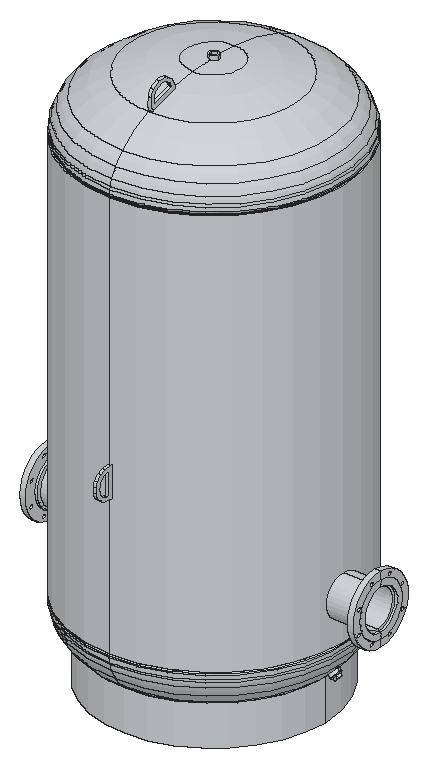
Revit family "CBT-500-6", category Generic Models, Revit 2014
Parameters (values of type "CBT-500-6")
  URL = "http://westank.com/"
  Tank Volume = 500.00 gal
  Part Number = 55420500
  Model = "CBT-500-6"
  Maximum Shipping Weight = 1150 lbf
  Flange Connector Diameter = 6"
  Description = "Wessels ASME Chilled Water Buffer Tanks (CBT) are designed for chilled water systems with insufficient water volume capacity in relation to the chiller capacity"
  D = 19 1/2"
  C = 36"
  B = 90"
  A = 42"
Reference planes (in)
  plane 1 "Center (Front/Back)": y = 0
  plane 2: z = 0
  plane 3 "Center (Left/Right)": x = 0
  plane 4: through (12.55282, -180, 5.24135) normal (0.8192, 0, -0.5736)
  plane 5: x = -21
  plane 6: x = 21
  plane 7: z = 0
  plane 8: x = -18
  plane 9: x = 18
  plane 10: z = 90
  plane 11: x = -0.0258
  plane 12: z = 19.5
Forms (in)
  Revolve 1, solid
    sketch origin (0, -0.02461, 0) x (0, 1, 0) y (0, 0, 1)
      loop
        line (-20.98343, 12.74892) -> (-20.73343, 12.74892)
        arc (-20.73343, 12.74892) -> (-20.73317, 12.69468) -> (-20.75341, 12.64436) r 0.14097
        line (-20.75341, 12.64436) -> (-20.89995, 12.41871)
        arc (-20.89995, 12.41871) -> (-20.95426, 12.32639) -> (-20.972, 12.22075) r 0.29477
        arc (-20.972, 12.22075) -> (-20.95433, 11.87991) -> (-20.91255, 11.54119) r 4.81455
        arc (-20.91255, 11.54119) -> (-20.88738, 11.33901) -> (-20.85518, 11.13783) r 5.85367
        arc (-20.85518, 11.13783) -> (-20.76033, 10.64488) -> (-20.57955, 10.17657) r 2.81886
        arc (-20.57955, 10.17657) -> (-20.25069, 9.40478) -> (-19.83942, 8.67357) r 7.6618
        arc (-19.83942, 8.67357) -> (-19.17724, 7.78342) -> (-18.39344, 6.99824) r 7.6618
        arc (-18.39344, 6.99824) -> (-15.85417, 5.15678) -> (-13.03614, 3.77925) r 18.17851
        arc (-13.03614, 3.77925) -> (-8.72316, 2.45647) -> (-4.26681, 1.75469) r 31.93206
        arc (-4.26681, 1.75469) -> (-2.12278, 1.59929) -> (0.02461, 1.50032) r 81.76029
        line (0.02461, 1.50032) -> (0.02461, 1.67229)
        arc (0.02461, 1.67229) -> (-2.11543, 1.77104) -> (-4.25214, 1.92594) r 81.58842
        arc (-4.25214, 1.92594) -> (-8.6845, 2.62394) -> (-12.97427, 3.9396) r 31.76018
        arc (-12.97427, 3.9396) -> (-15.76565, 5.3041) -> (-18.28091, 7.12815) r 18.00664
        arc (-18.28091, 7.12815) -> (-19.04713, 7.89572) -> (-19.69446, 8.7659) r 7.48992
        arc (-19.69446, 8.7659) -> (-20.0986, 9.48498) -> (-20.42122, 10.24414) r 7.48992
        arc (-20.42122, 10.24414) -> (-20.59471, 10.69085) -> (-20.68482, 11.16153) r 2.64698
        arc (-20.68482, 11.16153) -> (-20.71707, 11.36219) -> (-20.74212, 11.56388) r 5.68179
        arc (-20.74212, 11.56388) -> (-20.78291, 11.89268) -> (-20.80015, 12.22356) r 4.64268
        arc (-20.80015, 12.22356) -> (-20.79107, 12.27197) -> (-20.76371, 12.31293) r 0.12289
        line (-20.76371, 12.31293) -> (-20.60926, 12.55075)
        arc (-20.60926, 12.55075) -> (-20.56519, 12.6582) -> (-20.56335, 12.77432) r 0.31284
        line (-20.56335, 12.77432) -> (-20.73343, 12.77432) -> (-20.73343, 78.726) -> (-20.56335, 78.726)
        arc (-20.56335, 78.726) -> (-20.56519, 78.84212) -> (-20.60926, 78.94957) r 0.31284
        line (-20.60926, 78.94957) -> (-20.76371, 79.18739)
        arc (-20.76371, 79.18739) -> (-20.79107, 79.22835) -> (-20.80015, 79.27676) r 0.12289
        arc (-20.80015, 79.27676) -> (-20.78291, 79.60764) -> (-20.74212, 79.93644) r 4.64268
        arc (-20.74212, 79.93644) -> (-20.71707, 80.13813) -> (-20.68482, 80.33879) r 5.68179
        arc (-20.68482, 80.33879) -> (-20.59471, 80.80947) -> (-20.42122, 81.25618) r 2.64698
        arc (-20.42122, 81.25618) -> (-20.0986, 82.01534) -> (-19.69446, 82.73441) r 7.48992
        arc (-19.69446, 82.73441) -> (-19.04713, 83.6046) -> (-18.28091, 84.37217) r 7.48992
        arc (-18.28091, 84.37217) -> (-15.76565, 86.19622) -> (-12.97427, 87.56072) r 18.00664
        arc (-12.97427, 87.56072) -> (-8.6845, 88.87638) -> (-4.25214, 89.57438) r 31.76018
        arc (-4.25214, 89.57438) -> (-2.11543, 89.72928) -> (0.02461, 89.82803) r 81.58842
        line (0.02461, 89.82803) -> (0.02461, 90)
        arc (0.02461, 90) -> (-2.12278, 89.90102) -> (-4.26681, 89.74563) r 81.76029
        arc (-4.26681, 89.74563) -> (-8.72316, 89.04385) -> (-13.03614, 87.72107) r 31.93206
        arc (-13.03614, 87.72107) -> (-15.85417, 86.34354) -> (-18.39344, 84.50208) r 18.17851
        arc (-18.39344, 84.50208) -> (-19.17724, 83.7169) -> (-19.83942, 82.82675) r 7.6618
        arc (-19.83942, 82.82675) -> (-20.25069, 82.09554) -> (-20.57955, 81.32375) r 7.6618
        arc (-20.57955, 81.32375) -> (-20.76033, 80.85544) -> (-20.85518, 80.36249) r 2.81886
        arc (-20.85518, 80.36249) -> (-20.88738, 80.16131) -> (-20.91255, 79.95913) r 5.85367
        arc (-20.91255, 79.95913) -> (-20.95433, 79.62041) -> (-20.972, 79.27957) r 4.81455
        arc (-20.972, 79.27957) -> (-20.95426, 79.17393) -> (-20.89995, 79.08161) r 0.29477
        line (-20.89995, 79.08161) -> (-20.75341, 78.85596)
        arc (-20.75341, 78.85596) -> (-20.73317, 78.80564) -> (-20.73343, 78.7514) r 0.14097
        line (-20.73343, 78.7514) -> (-20.98343, 78.7514) -> (-20.98343, 12.74892)
      axis (0.02461, 1.50032) -> (0.02461, 90)
    angle from 0 to 360
  Revolve 2, solid
    sketch origin (-3.00177, 0, 1.25063) x (-1, 0, 0) y (0, 0, 1)
      loop
        line (22.43724, 14.93816) -> (22.43724, 14.46812) -> (22.99974, 14.46812) -> (22.99974, 12.74959) -> (23.93724, 12.74959) -> (23.93724, 13.99939) -> (23.99923, 13.99939) -> (23.99923, 14.93816) -> (22.43724, 14.93816)
      axis (23.99923, 18.24937) -> (22.43724, 18.24937)
    angle from 0 to 360
  Revolve 3, solid
    sketch origin (-1.13969, 0, -5.02824) x (0.995224, 0, -0.097616) y (0.097616, 0, 0.995224)
      loop
        line (19.46386, 15.44148) -> (19.41219, 15.47752) -> (19.00069, 14.88753) -> (19.61625, 14.45819) -> (19.99221, 14.99722) -> (19.94095, 15.03298) -> (20.06537, 15.21137) -> (19.55274, 15.56891) -> (19.46386, 15.44148)
      axis (19.00069, 14.88753) -> (19.61625, 14.45819)
    angle from 0 to 360
  Extrusion 4, solid
    sketch origin (19.32293, -180, 8.47558) x (0.649402, 0, 0.760445) y (0, -1, 0)
      loop
        line (-0.16036, -179.52645) -> (-0.95521, -179.68698) -> (-0.79485, -180.48095) -> (0, -180.32042) -> (-0.16036, -179.52645)
    from 1.02698 to 1.52678
  Extrusion 5, solid
    sketch origin (0, -9.07366, 13.98441) x (0, 1, 0) y (0, 0, 1)
      loop
        line (-11.93439, 21.33067) -> (-11.93439, 26.202)
        arc (-11.93439, 26.202) -> (-12.47846, 26.15164) -> (-13.01533, 26.05008) r 5.77422
        arc (-13.01533, 26.05008) -> (-13.49297, 25.89754) -> (-13.94252, 25.67548) r 3.35288
        arc (-13.94252, 25.67548) -> (-14.34081, 25.36666) -> (-14.64962, 24.96837) r 2.0073
        arc (-14.64962, 24.96837) -> (-14.80343, 24.58932) -> (-14.88788, 24.18906) r 2.30742
        arc (-14.88788, 24.18906) -> (-14.91277, 23.77188) -> (-14.88788, 23.3547) r 3.50846
        arc (-14.88788, 23.3547) -> (-14.79412, 22.92876) -> (-14.61961, 22.52904) r 2.24053
        arc (-14.61961, 22.52904) -> (-14.27401, 22.08806) -> (-13.80999, 21.77406) r 1.8078
        arc (-13.80999, 21.77406) -> (-13.34321, 21.55591) -> (-12.84107, 21.44044) r 2.44481
        arc (-12.84107, 21.44044) -> (-12.39043, 21.36326) -> (-11.93439, 21.33067) r 4.65484
      loop
        arc (-12.44611, 25.63929) -> (-12.67227, 25.60073) -> (-12.89654, 25.55235) r 5.2625
        arc (-12.89654, 25.55235) -> (-13.30128, 25.42308) -> (-13.68221, 25.23491) r 2.84116
        arc (-13.68221, 25.23491) -> (-13.97364, 25.01013) -> (-14.20134, 24.72098) r 1.49558
        arc (-14.20134, 24.72098) -> (-14.3163, 24.43235) -> (-14.37979, 24.12821) r 1.7957
        arc (-14.37979, 24.12821) -> (-14.40106, 23.77188) -> (-14.37979, 23.41555) r 2.99674
        arc (-14.37979, 23.41555) -> (-14.30745, 23.08689) -> (-14.17279, 22.77846) r 1.72881
        arc (-14.17279, 22.77846) -> (-13.91552, 22.45353) -> (-13.56884, 22.22643) r 1.29608
        arc (-13.56884, 22.22643) -> (-13.1779, 22.0402) -> (-12.75531, 21.94566) r 1.9331
        arc (-12.75531, 21.94566) -> (-12.60126, 21.91347) -> (-12.44611, 21.88716) r 4.14312
        line (-12.44611, 21.88716) -> (-12.44611, 25.63929)
    from -0.24366 to 0.25634
  Extrusion 6, solid
    sketch origin (0, -30.04333, 70.88779) x (0, 0.284015, -0.95882) y (0, 0.95882, 0.284015)
      loop
        arc (-11.9298, 25.67102) -> (-12.15596, 25.63246) -> (-12.38023, 25.58408) r 5.2625
        arc (-12.38023, 25.58408) -> (-12.78497, 25.45482) -> (-13.16591, 25.26664) r 2.84116
        arc (-13.16591, 25.26664) -> (-13.45733, 25.04186) -> (-13.68503, 24.75271) r 1.49558
        arc (-13.68503, 24.75271) -> (-13.8, 24.46408) -> (-13.86349, 24.15994) r 1.7957
        arc (-13.86349, 24.15994) -> (-13.88475, 23.80361) -> (-13.86349, 23.44728) r 2.99674
        arc (-13.86349, 23.44728) -> (-13.79114, 23.11862) -> (-13.65649, 22.81019) r 1.72881
        arc (-13.65649, 22.81019) -> (-13.39922, 22.48527) -> (-13.05253, 22.25816) r 1.29608
        arc (-13.05253, 22.25816) -> (-12.66159, 22.07193) -> (-12.239, 21.97739) r 1.9331
        arc (-12.239, 21.97739) -> (-12.08496, 21.94521) -> (-11.9298, 21.91889) r 4.14312
        line (-11.9298, 21.91889) -> (-11.9298, 25.67102)
      loop
        line (-11.17132, 21.34265) -> (-11.17132, 26.18028)
        arc (-11.17132, 26.18028) -> (-12.11834, 26.16865) -> (-13.02719, 25.90227) r 3.48194
        arc (-13.02719, 25.90227) -> (-13.54727, 25.6041) -> (-13.99851, 25.20943) r 3.03185
        arc (-13.99851, 25.20943) -> (-14.28248, 24.55653) -> (-14.39992, 23.8543) r 2.91879
        arc (-14.39992, 23.8543) -> (-14.3348, 23.1787) -> (-14.08611, 22.54717) r 2.44012
        arc (-14.08611, 22.54717) -> (-13.716, 22.08641) -> (-13.21844, 21.76749) r 1.83162
        arc (-13.21844, 21.76749) -> (-12.21655, 21.45065) -> (-11.17132, 21.34265) r 5.1769
    from -0.24366 to 0.25634
  Extrusion 7, solid
    sketch origin (0, 0, 0) x (1, 0, 0) y (0, 1, 0)
      loop
        circle (0, 0) r 0.75
      loop
        circle (0, 0) r 0.5
    from 89.70425 to 90.49422
  Extrusion 8, void
    sketch origin (-3.60333, 0.13917, 1.67009) x (0, 1, 0) y (0, 0, -1)
      loop
        circle (1.6793, -22.21918) r 0.37532
      loop
        circle (4.25931, -19.67527) r 0.37532
      loop
        circle (1.6828, -13.4584) r 0.37532
      loop
        circle (4.26382, -15.98166) r 0.37532
      loop
        circle (-1.95764, -22.21918) r 0.37532
      loop
        circle (-4.53765, -19.67527) r 0.37532
      loop
        circle (-1.96114, -13.4584) r 0.37532
      loop
        circle (-4.54216, -15.98166) r 0.37532
    from 20.48716 to 24.39667
  Extrusion 9, void
    sketch origin (0, 0, 0) x (1, 0, 0) y (0, 1, 0)
      loop
        circle (0, 0) r 0.5
    from 88.08986 to 91.45113
  Revolve 10, solid
    sketch origin (0, 0, 0) x (1, 0, 0) y (0, 0, 1)
      loop
        line (17.85452, 6.52775) -> (17.85452, 0) -> (18, 0) -> (18, 6.52775) -> (17.85452, 6.52775)
      axis (0, 6.52775) -> (0, 0)
    angle from 0 to 360
  Revolve 11, solid
    sketch origin (-3.60333, 0, 1.22133) x (1, 0, 0) y (0, 0, 1)
      loop
        line (-16.77318, 15.24564) -> (-22.90352, 15.24564) -> (-22.90352, 14.9662) -> (-16.77318, 14.9662) -> (-16.77318, 15.24564)
      axis (-22.90352, 18.27867) -> (-16.77318, 18.27867)
    angle from 0 to 360
  Extrusion 12, void
    sketch origin (0, 0, 0.25) x (0, 1, 0) y (0, 0, 1)
      loop
        circle (0, 19.25) r 3.03303
    from -27.00827 to 26.24257
  Revolve 13, solid
    sketch origin (3.00177, 0, 1.25063) x (1, 0, 0) y (0, 0, 1)
      loop
        line (22.43724, 14.93816) -> (22.43724, 14.46812) -> (22.99974, 14.46812) -> (22.99974, 12.74959) -> (23.93724, 12.74959) -> (23.93724, 13.99939) -> (23.99923, 13.99939) -> (23.99923, 14.93816) -> (22.43724, 14.93816)
      axis (23.99923, 18.24937) -> (22.43724, 18.24937)
    angle from 0 to 360
  Extrusion 14, void
    sketch origin (3.60333, 0.13917, 1.67009) x (0, 1, 0) y (0, 0, 1)
      loop
        circle (1.6793, 22.21918) r 0.37532
      loop
        circle (4.25931, 19.67527) r 0.37532
      loop
        circle (1.6828, 13.4584) r 0.37532
      loop
        circle (4.26382, 15.98166) r 0.37532
      loop
        circle (-1.95764, 22.21918) r 0.37532
      loop
        circle (-4.53765, 19.67527) r 0.37532
      loop
        circle (-1.96114, 13.4584) r 0.37532
      loop
        circle (-4.54216, 15.98166) r 0.37532
    from 20.48716 to 24.39667
  Revolve 15, solid
    sketch origin (3.60333, 0, 1.22133) x (-1, 0, 0) y (0, 0, 1)
      loop
        line (-16.77318, 15.24564) -> (-22.90352, 15.24564) -> (-22.90352, 14.9662) -> (-16.77318, 14.9662) -> (-16.77318, 15.24564)
      axis (-22.90352, 18.27867) -> (-16.77318, 18.27867)
    angle from 0 to 360
Cuts and joins
  joined: Extrusion 4, Extrusion 5, Extrusion 6, Extrusion 7, Revolve 10
  Extrusion 9, Extrusion 12 cuts Revolve 1
  Extrusion 8, Extrusion 14 cuts Revolve 2
  Extrusion 14 cuts Revolve 13
Dimensions and locks (in)
  "C": plane 9 to plane 8
  "B": plane 10 to level
  "A": plane 6 to plane 5
  "D": plane 12 to level
  aligned and locked: plane 2 to level
  aligned and locked: Revolve 10 sketch curve to plane 3 "Center (Left/Right)"
Automatic sketch dimensions
  Revolve 1 sketch curve to Revolve 1 sketch curve = 0"  (x70)
  Revolve 1 sketch curve to plane 1 "Center (Front/Back)" = 0"  (x3)
  Revolve 1 sketch curve to plane 10 = 0"
  plane 1 "Center (Front/Back)" to Revolve 1 sketch curve = 1.56462"  (x2)
  plane 12 to Revolve 1 sketch curve = 1.23881"
  plane 1 "Center (Front/Back)" to Revolve 1 sketch curve = 6.51615"  (x2)
  Revolve 1 sketch curve to plane 12 = 6.71045"
  Revolve 1 sketch curve to Revolve 1 sketch curve = 6.88554"  (x2)
  Revolve 1 sketch curve to Revolve 1 sketch curve = 1.71494"  (x2)
  Revolve 1 sketch curve to Revolve 1 sketch curve = 1.06607"  (x2)
  Revolve 1 sketch curve to Revolve 1 sketch curve = 1.89257"  (x2)
  Revolve 1 sketch curve to Revolve 1 sketch curve = 2.51268"  (x2)
  Revolve 1 sketch curve to plane 10 = 11.05043"
  Revolve 1 sketch curve to Revolve 1 sketch curve = 0.04592"  (x2)
  Revolve 1 sketch curve to plane 12 = 6.94925"
  Revolve 1 sketch curve to Revolve 1 sketch curve = 0.06801"  (x2)
  Revolve 1 sketch curve to Revolve 1 sketch curve = 0.17009"
  Revolve 1 sketch curve to plane 10 = 11.14404"
  Revolve 1 sketch curve to Revolve 1 sketch curve = 0.01998"  (x2)
  Revolve 1 sketch curve to plane 12 = 6.85564"
  Revolve 1 sketch curve to Revolve 1 sketch curve = 0.08643"  (x2)
  Revolve 1 sketch curve to plane 12 = 7.18707"
  Revolve 1 sketch curve to Revolve 1 sketch curve = 0.1382"  (x2)
  Revolve 1 sketch curve to plane 10 = 10.91839"
  Revolve 1 sketch curve to Revolve 1 sketch curve = 0.13624"  (x2)
  Revolve 1 sketch curve to plane 12 = 7.08129"
  Revolve 1 sketch curve to Revolve 1 sketch curve = 0.1118"
  Revolve 1 sketch curve to plane 1 "Center (Front/Back)" = 2.6904"  (x2)
  Revolve 1 sketch curve to Revolve 1 sketch curve = 0.49002"  (x2)
  Revolve 1 sketch curve to Revolve 1 sketch curve = 0.08736"  (x2)
  Revolve 1 sketch curve to Revolve 1 sketch curve = 0.1363"  (x2)
  Revolve 1 sketch curve to Revolve 1 sketch curve = 0.87766"  (x2)
  level to Revolve 1 sketch curve = 8.28399"
  level to Revolve 1 sketch curve = 1.67229"
  Revolve 1 sketch curve to Revolve 1 sketch curve = 0.17197"
  Revolve 1 sketch curve to Revolve 1 sketch curve = 0.07678"
  Revolve 1 sketch curve to Revolve 1 sketch curve = 12.8313"  (x2)
  Revolve 1 sketch curve to Revolve 1 sketch curve = 24.3601"
  Revolve 1 sketch curve to Revolve 1 sketch curve = 0.2388"
  Revolve 1 sketch curve to Revolve 1 sketch curve = 0.12996"
  Revolve 1 sketch curve to Revolve 1 sketch curve = 0.10578"
  Revolve 1 sketch curve to plane 10 = 6.78367"
  Revolve 1 sketch curve to plane 10 = 0.17197"
  Revolve 1 sketch curve to Revolve 1 sketch curve = 1.41355"  (x2)
  Revolve 1 sketch curve to Revolve 1 sketch curve = 0.14497"  (x2)
  Revolve 1 sketch curve to Revolve 1 sketch curve = 0.72676"  (x2)
  Revolve 1 sketch curve to Revolve 1 sketch curve = 0.15833"  (x2)
  Revolve 1 sketch curve to Revolve 1 sketch curve = 0.26361"  (x2)
  Revolve 1 sketch curve to Revolve 1 sketch curve = 0.0573"  (x2)
  Revolve 1 sketch curve to Revolve 1 sketch curve = 0.17036"  (x2)
  Revolve 1 sketch curve to Revolve 1 sketch curve = 0.17043"  (x2)
  Revolve 1 sketch curve to Revolve 1 sketch curve = 4.67702"
  Revolve 1 sketch curve to Revolve 1 sketch curve = 0.92702"
  Revolve 2 sketch curve to plane 12 = 0"
  plane 5 to Revolve 2 sketch curve = 4.43901"
  Revolve 2 sketch curve to Revolve 2 sketch curve = 9/16"
  Revolve 2 sketch curve to Revolve 2 sketch curve = 15/16"
  Revolve 2 sketch curve to Revolve 2 sketch curve = 0.06199"
  plane 12 to Revolve 2 sketch curve = 3.31121"
  Revolve 2 sketch curve to Revolve 2 sketch curve = 0.47004"
  Revolve 2 sketch curve to Revolve 2 sketch curve = 0.93877"
  Revolve 2 sketch curve to Revolve 2 sketch curve = 1.24979"
  plane 5 to Revolve 2 sketch curve = 2.10333"
  Revolve 2 sketch curve to Revolve 2 sketch curve = 0.68278"
  plane 9 to Revolve 3 sketch curve = 1.22351"
  plane 4 to Revolve 3 sketch curve = 3.92021"
  Revolve 3 sketch curve to Revolve 3 sketch curve = 0.4115"
  Revolve 3 sketch curve to Revolve 3 sketch curve = 0.05167"
  Revolve 3 sketch curve to Revolve 3 sketch curve = 0.08888"
  Revolve 3 sketch curve to Revolve 3 sketch curve = 0.61556"
  Revolve 3 sketch curve to Revolve 3 sketch curve = 0.47709"
  Revolve 3 sketch curve to Revolve 3 sketch curve = 0.05126"
  Revolve 3 sketch curve to Revolve 3 sketch curve = 0.42934"
  Revolve 3 sketch curve to Revolve 3 sketch curve = 0.12768"
  Revolve 3 sketch curve to Revolve 3 sketch curve = 0"  (x2)
  Revolve 3 sketch curve to Revolve 3 sketch curve = 0.08905"
  plane 1 "Center (Front/Back)" to Extrusion 4 sketch curve = 0.31302"
  Extrusion 4 sketch curve to plane 1 "Center (Front/Back)" = 0.48095"
  Extrusion 4 sketch curve to Extrusion 4 sketch curve = 0.16036"  (x2)
  plane 1 "Center (Front/Back)" to Extrusion 4 sketch curve = 0.47355"
  Extrusion 4 sketch curve to Extrusion 4 sketch curve = 0.79485"
  Extrusion 4 sketch curve to plane 1 "Center (Front/Back)" = 0.32042"
  Extrusion 5 sketch curve to Extrusion 5 sketch curve = 0"  (x24)
  plane 1 "Center (Front/Back)" to Extrusion 5 sketch curve = 22.11476"
  Extrusion 5 sketch curve to Extrusion 5 sketch curve = 0.11966"
  Extrusion 5 sketch curve to Extrusion 5 sketch curve = 0.25819"
  Extrusion 5 sketch curve to Extrusion 5 sketch curve = 17/256"
  Extrusion 5 sketch curve to Extrusion 5 sketch curve = 0.04958"
  Extrusion 5 sketch curve to Extrusion 5 sketch curve = 0.15073"
  Extrusion 5 sketch curve to Extrusion 5 sketch curve = 0.20915"
  Extrusion 5 sketch curve to Extrusion 5 sketch curve = 131/256"
  Extrusion 5 sketch curve to Extrusion 5 sketch curve = 0.10338"
  Extrusion 5 sketch curve to Extrusion 5 sketch curve = 0.25955"
  Extrusion 5 sketch curve to Extrusion 5 sketch curve = 1.14294"
  plane 12 to Extrusion 5 sketch curve = 14.91803"
  Extrusion 5 sketch curve to Extrusion 5 sketch curve = 0.89706"
  Extrusion 5 sketch curve to Extrusion 5 sketch curve = 0.55648"
  Extrusion 5 sketch curve to Extrusion 5 sketch curve = 0.90165"
  Extrusion 5 sketch curve to Extrusion 5 sketch curve = 0.62139"
  Extrusion 5 sketch curve to Extrusion 5 sketch curve = 27/128"
  Extrusion 5 sketch curve to Extrusion 5 sketch curve = 0.15076"
  Extrusion 5 sketch curve to Extrusion 5 sketch curve = 0.24641"
  Extrusion 5 sketch curve to Extrusion 5 sketch curve = 0.04716"
  Extrusion 5 sketch curve to Extrusion 5 sketch curve = 0.0326"
  Extrusion 5 sketch curve to Extrusion 5 sketch curve = 1.7246"
  Extrusion 5 sketch curve to Extrusion 5 sketch curve = 0.34507"
  Extrusion 5 sketch curve to Extrusion 5 sketch curve = 0.21764"
  Extrusion 5 sketch curve to Extrusion 5 sketch curve = 1.12273"
  Extrusion 5 sketch curve to Extrusion 5 sketch curve = 0.78568"
  Extrusion 5 sketch curve to Extrusion 5 sketch curve = 0.24115"
  Extrusion 5 sketch curve to Extrusion 5 sketch curve = 0.2603"
  Extrusion 5 sketch curve to Extrusion 5 sketch curve = 0.60395"
  Extrusion 5 sketch curve to Extrusion 5 sketch curve = 0.51913"
  Extrusion 5 sketch curve to Extrusion 5 sketch curve = 0.44682"
  Extrusion 5 sketch curve to Extrusion 5 sketch curve = 0.44829"
  Extrusion 6 sketch curve to plane 10 = 57/128"
  plane 1 "Center (Front/Back)" to Extrusion 6 sketch curve = 11.12398"
  Extrusion 6 sketch curve to Extrusion 6 sketch curve = 0.03301"
  Extrusion 6 sketch curve to Extrusion 6 sketch curve = 0.08665"
  Extrusion 6 sketch curve to Extrusion 6 sketch curve = 0.34483"
  Extrusion 6 sketch curve to Extrusion 6 sketch curve = 17/256"
  Extrusion 6 sketch curve to Extrusion 6 sketch curve = 0.04958"
  Extrusion 6 sketch curve to Extrusion 6 sketch curve = 0.06885"
  Extrusion 6 sketch curve to Extrusion 6 sketch curve = 0.15073"
  Extrusion 6 sketch curve to Extrusion 6 sketch curve = 0.36028"
  Extrusion 6 sketch curve to Extrusion 6 sketch curve = 0.06601"
  Extrusion 6 sketch curve to Extrusion 6 sketch curve = 0.11815"
  Extrusion 6 sketch curve to Extrusion 6 sketch curve = 0.47821"
  Extrusion 6 sketch curve to Extrusion 6 sketch curve = 0.6151"
  Extrusion 6 sketch curve to Extrusion 6 sketch curve = 0.14338"
  Extrusion 6 sketch curve to Extrusion 6 sketch curve = 0.00673"
  Extrusion 6 sketch curve to Extrusion 6 sketch curve = 0.01279"
  Extrusion 6 sketch curve to Extrusion 6 sketch curve = 0.59588"
  Extrusion 6 sketch curve to Extrusion 6 sketch curve = 0.3061"
  Extrusion 6 sketch curve to Extrusion 6 sketch curve = 0.31529"
  Extrusion 6 sketch curve to Extrusion 6 sketch curve = 0.0954"
  Extrusion 6 sketch curve to Extrusion 6 sketch curve = 0.80625"
  Extrusion 6 sketch curve to Extrusion 6 sketch curve = 0.57624"
  Extrusion 6 sketch curve to Extrusion 6 sketch curve = 0.8773"
  Extrusion 6 sketch curve to Extrusion 6 sketch curve = 0.00686"
  Extrusion 6 sketch curve to Extrusion 6 sketch curve = 0.20406"
  Extrusion 6 sketch curve to Extrusion 6 sketch curve = 0.59172"
  Extrusion 6 sketch curve to Extrusion 6 sketch curve = 0.09548"
  Extrusion 6 sketch curve to Extrusion 6 sketch curve = 0.07607"
  Extrusion 6 sketch curve to Extrusion 6 sketch curve = 0.15093"
  Extrusion 6 sketch curve to Extrusion 6 sketch curve = 0.04716"
  Extrusion 6 sketch curve to Extrusion 6 sketch curve = 0.0326"
  Extrusion 6 sketch curve to Extrusion 6 sketch curve = 1.7246"
  Extrusion 6 sketch curve to Extrusion 6 sketch curve = 0.34507"
  Extrusion 6 sketch curve to Extrusion 6 sketch curve = 0.16418"
  Extrusion 6 sketch curve to Extrusion 6 sketch curve = 0.33927"
  Extrusion 6 sketch curve to Extrusion 6 sketch curve = 0"  (x6)
  Extrusion 6 sketch curve to Extrusion 6 sketch curve = 0.1659"
  Extrusion 6 sketch curve to Extrusion 6 sketch curve = 0.13872"
  Extrusion 6 sketch curve to Extrusion 6 sketch curve = 0.42962"
  Extrusion 6 sketch curve to Extrusion 6 sketch curve = 0.51913"
  Extrusion 6 sketch curve to Extrusion 6 sketch curve = 0.31348"
  Extrusion 7 sketch curve to Extrusion 7 sketch curve = 0"  (x2)
  plane 1 "Center (Front/Back)" to Extrusion 7 sketch curve = 0"
  Extrusion 7 sketch curve to plane 3 "Center (Left/Right)" = 0"
  Extrusion 8 sketch curve to plane 12 = 1.84825"  (x2)
  plane 1 "Center (Front/Back)" to Extrusion 8 sketch curve = 4.40299"
  plane 12 to Extrusion 8 sketch curve = 1.84537"  (x2)
  Extrusion 8 sketch curve to Extrusion 8 sketch curve = 0.00451"
  plane 1 "Center (Front/Back)" to Extrusion 8 sketch curve = 1.82197"
  plane 1 "Center (Front/Back)" to Extrusion 8 sketch curve = 1.81847"
  Extrusion 8 sketch curve to plane 1 "Center (Front/Back)" = 1.81847"
  Extrusion 8 sketch curve to plane 1 "Center (Front/Back)" = 1.82197"
  Extrusion 8 sketch curve to Extrusion 8 sketch curve = 2.58001"
  Extrusion 8 sketch curve to Extrusion 8 sketch curve = 2.58101"
  plane 12 to Extrusion 8 sketch curve = 4.38927"
  Extrusion 8 sketch curve to Extrusion 8 sketch curve = 2.54391"
  Extrusion 8 sketch curve to Extrusion 8 sketch curve = 2.52326"  (x2)
  Extrusion 9 sketch curve to Extrusion 9 sketch curve = 0"  (x2)
  plane 1 "Center (Front/Back)" to Extrusion 9 sketch curve = 0"
  Extrusion 9 sketch curve to plane 3 "Center (Left/Right)" = 0"
  plane 11 to Extrusion 9 sketch curve = 0.4742"
  Revolve 10 sketch curve to level = 0"
  Revolve 10 sketch curve to plane 9 = 0"
  Revolve 10 sketch curve to plane 9 = 0.14548"
  level to Revolve 10 sketch curve = 6.52775"
  level to Revolve 10 sketch curve = 4.69941"
  Revolve 10 sketch curve to Revolve 10 sketch curve = 1"
  Revolve 11 sketch curve to plane 12 = 0"
  Revolve 11 sketch curve to plane 5 = 5.50686"
  plane 5 to Revolve 11 sketch curve = 0.62349"
  Revolve 11 sketch curve to plane 12 = 3.03303"
  Revolve 11 sketch curve to Revolve 11 sketch curve = 0.27944"
  Revolve 11 sketch curve to plane 5 = 1.9801"
  Revolve 11 sketch curve to Revolve 11 sketch curve = 0.36015"
  Extrusion 12 sketch curve to Extrusion 12 sketch curve = 0"  (x2)
  Extrusion 12 sketch curve to plane 1 "Center (Front/Back)" = 0"
  Extrusion 12 sketch curve to plane 12 = 0"
  Extrusion 12 sketch curve to Extrusion 12 sketch curve = 3.03303"
  Revolve 13 sketch curve to plane 12 = 0"
  plane 6 to Revolve 13 sketch curve = 4.43901"
  Revolve 13 sketch curve to Revolve 13 sketch curve = 9/16"
  Revolve 13 sketch curve to Revolve 13 sketch curve = 15/16"
  Revolve 13 sketch curve to Revolve 13 sketch curve = 0.06199"
  Revolve 13 sketch curve to plane 12 = 3.31121"
  Revolve 13 sketch curve to Revolve 13 sketch curve = 0.47004"
  Revolve 13 sketch curve to Revolve 13 sketch curve = 0.93877"
  Revolve 13 sketch curve to Revolve 13 sketch curve = 1.24979"
  plane 6 to Revolve 13 sketch curve = 2.10333"
  Revolve 13 sketch curve to Revolve 13 sketch curve = 0.68278"
  Extrusion 14 sketch curve to plane 12 = 1.84825"  (x2)
  plane 1 "Center (Front/Back)" to Extrusion 14 sketch curve = 4.40299"
  plane 12 to Extrusion 14 sketch curve = 1.84537"  (x2)
  Extrusion 14 sketch curve to Extrusion 14 sketch curve = 0.00451"
  plane 1 "Center (Front/Back)" to Extrusion 14 sketch curve = 1.82197"
  plane 1 "Center (Front/Back)" to Extrusion 14 sketch curve = 1.81847"
  Extrusion 14 sketch curve to plane 1 "Center (Front/Back)" = 1.81847"
  Extrusion 14 sketch curve to plane 1 "Center (Front/Back)" = 1.82197"
  Extrusion 14 sketch curve to Extrusion 14 sketch curve = 2.58001"
  Extrusion 14 sketch curve to Extrusion 14 sketch curve = 2.58101"
  Extrusion 14 sketch curve to Extrusion 14 sketch curve = 2.52326"  (x2)
  Extrusion 14 sketch curve to Extrusion 14 sketch curve = 2.54391"  (x2)
  Revolve 15 sketch curve to plane 12 = 0"
  Revolve 15 sketch curve to plane 6 = 5.50686"
  plane 6 to Revolve 15 sketch curve = 0.62349"
  plane 12 to Revolve 15 sketch curve = 3.03303"
  Revolve 15 sketch curve to Revolve 15 sketch curve = 0.27944"
  Revolve 15 sketch curve to plane 6 = 1.9801"
  Revolve 15 sketch curve to Revolve 15 sketch curve = 0.36015"
  radius of Extrusion 7 sketch curve = 3/4"
  radius of Extrusion 7 sketch curve = 1/2"
  radius of Extrusion 8 sketch curve = 0.37532"  (x8)
  radius of Extrusion 14 sketch curve = 0.37532"  (x8)
Connectors (in)
  piping at (27.001, 0, 19.5), diameter 6, driven by "Flange Connector Diameter"
    settings: on Revolve 13, index 1, connector inside diameter 24", connector length 0", flow factor 0, pipe flow 0 GPM, pressure drop 0.00 psi, fitting loss kfactor 0, connector angle 0.00°, fixture units 0, engagement length 0", angle of deflection 0.00°, flow configuration 0, flow direction 0, fitting loss method 0, system type 7, joint type 0, gender type 0, connector reference index 2, connector utility 0, adjustable connector no, is connector primary yes, connector description ""
  piping at (-27.001, 0, 19.5), diameter 6, driven by "Flange Connector Diameter"
    settings: on cut or joined group of Revolve 2, Extrusion 8, Extrusion 14, index 2, connector inside diameter 24", connector length 0", flow factor 0, pipe flow 0 GPM, pressure drop 0.00 psi, fitting loss kfactor 0, connector angle 0.00°, fixture units 0, engagement length 0", angle of deflection 0.00°, flow configuration 0, flow direction 0, fitting loss method 0, system type 7, joint type 0, gender type 0, connector reference index 1, connector utility 0, adjustable connector no, is connector primary no, connector description ""
